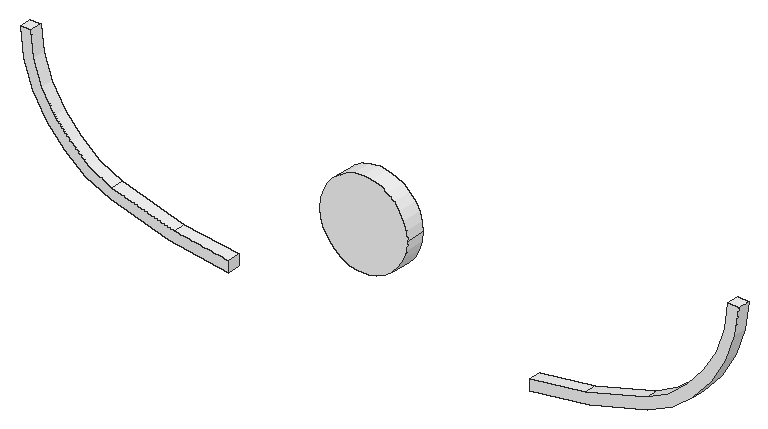
Revit family "Deca_Bidê com 1 furo para ducha vertical_Vogue Plus_BV.51", category Plumbing Fixtures, host Face, Revit 2019
Family settings
  Host = Face
  Round Connector Dimension = Use Radius
  Part Type = Normal
  Cut with Voids When Loaded = No
  Shared = No
  Room Calculation Point = No
Parameters (values of type "BV.51.17_Branco")
  Vazão na Pressão mín. (L/min) = "-"
  Vazão na Pressão máx. (L/min) = "-"
  URL = "www.deca.com.br"
  Tipo de rosca de saída = "-"
  Tipo de rosca de entrada = "-"
  Tipo de mecanismo utilizado = "-"
  Tipo de dispositivo economizador = "-"
  Segmento = "Banheiro Médio"
  Saída de Esgoto = "Saída de Esgoto Vertical"
  Raio Água Quente = 7.50 mm
  Raio Água Fria = 7.50 mm
  Raio Ponto de Esgoto = 20.00 mm
  Pressão mín. funcionamento = "-"
  Pressão mín. Aquec. Passagem = "-"
  Pressão mín. Aquec. Acúmulo = "-"
  Pressão máx. funcionamento = "-"
  Peso Líquido (Kg) = 19.207
  Norma = "NBR-16728-1;NBR-16728-2"
  Model = "BV.51.17"
  Material = Deca_Branco
  Manufacturer = "Deca"
  Linha = "Vogue Plus"
  Itens de Instalação = "SP.121.01"
  Informações Complementares = "-"
  Diâmetro Água Quente = 2 * Raio Água Quente  # 15.00 mm
  Diâmetro Água Fria = 2 * Raio Água Fria  # 15.00 mm
  Diâmetro Ponto de Esgoto = 2 * Raio Ponto de Esgoto  # 40.00 mm
  Description = "Bidê com 1 furo para ducha vertical"
  Default Elevation = 0.00 mm
  Código Pai = "BV.51"
  Criado por = "quattroD"
  Cores Componente = "Não Possui"
  Cor Secundária = "-"
  Cor Principal = "Branco"
  Cor Interna = "-"
  Consumo = "-"
  Composição Componente = "Não Possui"
  Composição Básica = "Argila, feldspato, caulim, vidrados e corantes inorgânicos."
  Composição Assento = "-"
  Composição Anel Vedação = "-"
  Categoria = "BACIAS E BIDES"
  Atendimento ao Cliente = "0800-0117073"
  Aprovado por = "quattroD"
  Acompanha o Produto = "-"
Reference planes
  plane 1 "Center (Front/Back)": y = 0
  plane 2: z = 0
  plane 3 "Center (Left/Right)": x = 0
  plane 4: z = 40.322
  plane 5: z = 580
  plane 6: z = 235
  plane 7: x = 179.926
  plane 8: x = -179.992
  plane 9: y = 240
  plane 10: y = 399.966
Forms (mm)
  Extrusion 1, solid, not visible
    sketch origin (0, 0, 0) x (1, 0, 0) y (0, 1, 0)
      loop
        circle (-55, 240) r 2.472
      loop
        circle (55, 240) r 2.472
    from 0 to 0.846
  Extrusion 2, solid, not visible
    sketch origin (0, 0, 0) x (1, 0, 0) y (0, 0, 1)
      loop
        circle (0, 235) r 2.677
    from -0.002 to 0.62
  Extrusion 3, solid, material "Deca_Branco" <- "Material"
    sketch origin (0, 0, 0) x (1, 0, 0) y (0, 0, 1)
      loop
        arc (107.624, 72.743) -> (133.394, 91.784) -> (143.818, 122.083) r 53.943
        line (143.818, 122.083) -> (139.658, 122.228)
        arc (139.658, 122.228) -> (130.097, 94.827) -> (107.136, 77.078) r 51.001
        arc (107.136, 77.078) -> (94.784, 73.366) -> (82.275, 70.22) r 283.333
        arc (82.275, 70.22) -> (71.376, 68.496) -> (60.407, 67.289) r 233.263
        line (60.407, 67.289) -> (60.407, 63.004)
        arc (60.407, 63.004) -> (84.336, 66.32) -> (107.624, 72.743) r 183.938
    from -399.966 to -394.966
  Extrusion 4, solid, material "Deca_Branco" <- "Material"
    sketch origin (0, 0, 0) x (-1, 0, 0) y (0, 0, -1)
      loop
        arc (107.624, -72.743) -> (84.336, -66.32) -> (60.407, -63.004) r 183.938
        line (60.407, -63.004) -> (60.407, -67.289)
        arc (60.407, -67.289) -> (71.376, -68.496) -> (82.275, -70.22) r 233.263
        arc (82.275, -70.22) -> (94.784, -73.366) -> (107.136, -77.078) r 283.333
        arc (107.136, -77.078) -> (130.097, -94.827) -> (139.658, -122.228) r 51.001
        line (139.658, -122.228) -> (143.818, -122.083)
        arc (143.818, -122.083) -> (133.394, -91.784) -> (107.624, -72.743) r 53.943
    from -399.966 to -394.966
  Extrusion 5, solid, material "Deca_Branco" <- "Material"
    sketch origin (0, 0, 0) x (1, 0, 0) y (0, 0, 1)
      loop
        circle (-0.002, 104.819) r 17.51
    from -394.966 to -387.182
Lines and regions (mm)
  Masking region 1
    outline origin (0, 0, 0) x (1, 0, 0) y (0, 1, 0)
      loop
        line (179.877, 400.226) -> (-179.967, 400.226)
        arc (-179.967, 400.226) -> (-179.992, 371.774) -> (-177.278, 343.452) r 295.337
        arc (-177.278, 343.452) -> (-155.821, 285.259) -> (-112.536, 240.836) r 149.062
        arc (-112.536, 240.836) -> (-108.22, 236.229) -> (-106.388, 230.186) r 13.895
        arc (-106.388, 230.186) -> (-111.047, 224.362) -> (-113.299, 217.251) r 20.377
        line (-113.299, 217.251) -> (-120.325, 0) -> (120.235, 0) -> (113.21, 217.251)
        arc (113.21, 217.251) -> (110.958, 224.362) -> (106.298, 230.186) r 20.377
        arc (106.298, 230.186) -> (108.13, 236.229) -> (112.447, 240.836) r 13.895
        arc (112.447, 240.836) -> (155.731, 285.259) -> (177.189, 343.452) r 149.062
        arc (177.189, 343.452) -> (179.902, 371.774) -> (179.877, 400.226) r 295.337
  Masking region 2
    outline origin (0, 0, 0) x (1, 0, 0) y (0, 0, 1)
      loop
        line (179.926, 136.8) -> (179.926, 263.338) -> (179.996, 276.08) -> (180.085, 290.693) -> (180.085, 301.67) -> (180.085, 317.43) -> (180.155, 337.602) -> (180.226, 357.156) -> (180.261, 375.528) -> (180.226, 393.935) -> (180.137, 411.477)
        arc (180.137, 411.477) -> (170.495, 472.82) -> (138.399, 525.979) r 161.354
        arc (138.399, 525.979) -> (94.893, 559.348) -> (42.834, 576.559) r 164.432
        arc (42.834, 576.559) -> (21.483, 579.086) -> (0.002, 580) r 285.488
        arc (0.002, 580) -> (-21.487, 579.083) -> (-42.848, 576.559) r 286.972
        arc (-42.848, 576.559) -> (-94.9, 559.352) -> (-138.395, 525.979) r 164.316
        arc (-138.395, 525.979) -> (-170.478, 472.854) -> (-180.133, 411.548) r 161.336
        line (-180.133, 411.548) -> (-180.221, 393.935) -> (-180.257, 375.528) -> (-180.221, 357.156) -> (-180.151, 337.549) -> (-180.08, 317.43) -> (-180.08, 301.67) -> (-180.08, 290.693) -> (-179.992, 276.098) -> (-179.921, 263.356) -> (-179.921, 251.09) -> (-179.921, 193.045) -> (-179.921, 136.8)
        arc (-179.921, 136.8) -> (-163.323, 84.757) -> (-119.635, 51.965) r 89.787
        arc (-119.635, 51.965) -> (-90.804, 44.281) -> (-61.149, 40.988) r 199.22
        arc (-61.149, 40.988) -> (-30.578, 40.185) -> (0.002, 40) r 1512.959
        arc (0.002, 40) -> (30.574, 40.186) -> (61.136, 40.988) r 1514.336
        arc (61.136, 40.988) -> (90.8, 44.279) -> (119.639, 51.965) r 199.188
        arc (119.639, 51.965) -> (163.319, 84.763) -> (179.926, 136.8) r 89.833
  Masking region 3
    outline origin (0, 0, 0) x (0, 1, 0) y (0, 0, 1)
      loop
        line (400.2, 39.995) -> (400.2, 578.911)
        arc (400.2, 578.911) -> (305.045, 553.981) -> (243.219, 477.472) r 157.567
        arc (243.219, 477.472) -> (231.669, 462.979) -> (213.842, 457.918) r 30.314
        line (213.842, 457.918) -> (-0.008, 475.114) -> (-0.008, 125.216) -> (217.082, 137.197)
        arc (217.082, 137.197) -> (233.989, 146.599) -> (236.816, 165.737) r 21.863
        line (236.816, 165.737) -> (355.215, 147.667) -> (355.215, 41.397) -> (400.2, 39.995)
  symbolic lines
    curve 1: line (-109.809, 236.468, 0) -> (109.645, 236.468, 0)
    curve 2: arc (-46.854, 0, 535.597) -> (0.056, 0, 540.239) -> (46.964, 0, 535.579) r 238.909
    curve 3: circle (-0.004, 0, 233.581) r 22.009 normal (0, -1, 0)
    curve 4: arc (0.002, 0, 268.315) -> (-34.81, 0, 233.566) -> (0.002, 0, 198.816) r 34.749
    curve 5: arc (0.002, 0, 198.816) -> (34.815, 0, 233.566) -> (0.002, 0, 268.315) r 34.749
    curve 6: circle (-0.002, 0, 104.819) r 17.51 normal (0, -1, 0)
    curve 7: circle (-0.371, 0, 375.224) r 12.944 normal (0, -1, 0)
    curve 8: arc (140.447, 0, 257.199) -> (113.019, 0, 198.914) -> (54.023, 0, 173.05) r 91.698
    curve 9: arc (-140.442, 0, 257.042) -> (-112.971, 0, 198.859) -> (-54.032, 0, 173.05) r 91.698
    curve 10: arc (54.023, 0, 173.05) -> (-0.004, 0, 168.379) -> (-54.032, 0, 173.05) r 314.794
    curve 11: line (141.399, 0, 122.016) -> (141.594, 0, 242.231)
    curve 12: arc (141.399, 0, 122.016) -> (129.13, 0, 90.982) -> (101.013, 0, 73.007) r 54.231
    curve 13: line (-142.013, 0, 122.016) -> (-142.207, 0, 242.231)
    curve 14: arc (-142.013, 0, 122.016) -> (-129.743, 0, 90.982) -> (-101.626, 0, 73.007) r 54.231
    curve 15: arc (101.013, 0, 73.007) -> (-0.307, 0, 59.964) -> (-101.626, 0, 73.007) r 400.061
    curve 16: line (140.447, 0, 416.295) -> (140.447, 0, 257.199)
    curve 17: line (-140.442, 0, 416.295) -> (-140.442, 0, 257.042)
    curve 18: arc (-46.854, 0, 535.597) -> (0.056, 0, 540.239) -> (46.964, 0, 535.579) r 238.909
    curve 19: arc (140.447, 0, 416.295) -> (114.292, 0, 492.071) -> (46.964, 0, 535.579) r 122.845
    curve 20: arc (-46.854, 0, 535.597) -> (-114.253, 0, 492.11) -> (-140.442, 0, 416.295) r 122.834
    curve 21: line (0, 354.456, 146.021) -> (0, 354.456, 301.021)
    curve 22: line (0, 238.331, 162.84) -> (0, 238.331, 468.177)
    curve 23: line (0, 351.981, 162.84) -> (0, 253.212, 178.483)
  model lines
    curve 24: line (-0.002, 394.966, 87.308) -> (-0.002, 394.966, 122.329)
    curve 25: line (17.508, 394.966, 104.819) -> (-17.512, 394.966, 104.819)
Dimensions and locks
  aligned and locked: plane 2 to host face
  aligned and locked: level to host face
Connectors
  piping at (0, -0.62, 235), diameter 40, driven by "Raio Ponto de Esgoto"
    settings: on Extrusion 2, index 1, connector inside diameter 609.6 mm, connector length 0.00 mm, flow factor 0, pipe flow 0.0 L/s, pressure drop 0.0 Pa, fitting loss kfactor 0, connector angle 0.00°, fixture units 0, engagement length 0.00 mm, angle of deflection 0.00°, flow configuration 3, flow direction 2, fitting loss method 4, system type 16, joint type 0, gender type 0, connector reference index -1, connector utility 0, adjustable connector no, is connector primary yes, connector description ""
  piping at (-55, 240, 0), diameter 15, driven by "Raio Água Quente"
    settings: on Extrusion 1, index 2, connector inside diameter 609.6 mm, connector length 0.00 mm, flow factor 0, pipe flow 0.0 L/s, pressure drop 0.0 Pa, fitting loss kfactor 0, connector angle 0.00°, fixture units 0, engagement length 0.00 mm, angle of deflection 0.00°, flow configuration 3, flow direction 1, fitting loss method 4, system type 19, joint type 0, gender type 0, connector reference index -1, connector utility 0, adjustable connector no, is connector primary no, connector description ""
  piping at (55, 240, 0), diameter 15, driven by "Raio Água Fria"
    settings: on Extrusion 1, index 3, connector inside diameter 609.6 mm, connector length 0.00 mm, flow factor 0, pipe flow 0.0 L/s, pressure drop 0.0 Pa, fitting loss kfactor 0, connector angle 0.00°, fixture units 0, engagement length 0.00 mm, angle of deflection 0.00°, flow configuration 3, flow direction 1, fitting loss method 4, system type 20, joint type 0, gender type 0, connector reference index -1, connector utility 0, adjustable connector no, is connector primary no, connector description ""
